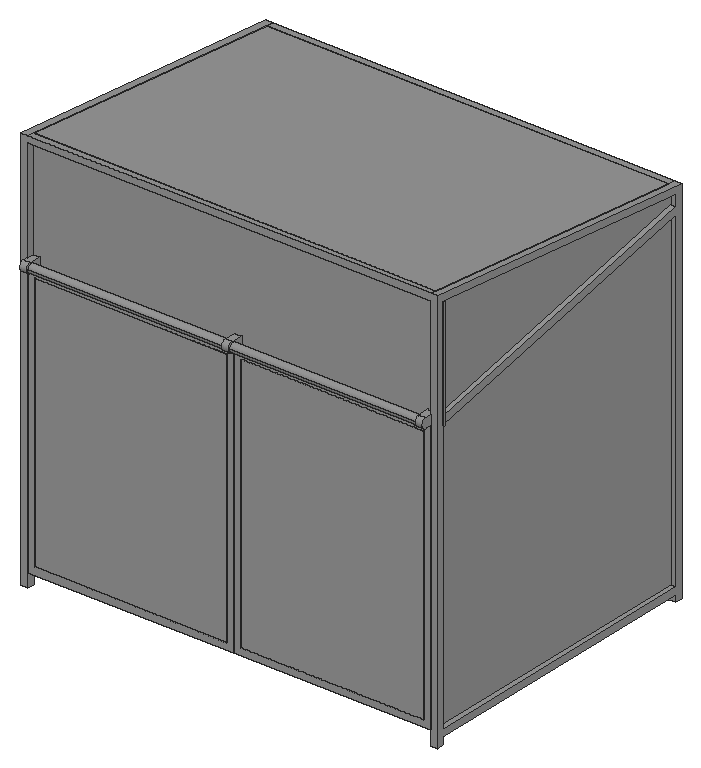
Revit family "15162 Контейнерный шкаф «Модуль» стальной Хоббика", category Антураж, Revit 2018
Family settings
  На основе рабочей плоскости = Нет
  Всегда вертикально = Да
  При загрузке вырезать с полостями = Нет
  Источник визуального образа = Геометрия семейства
  Общий = Нет
  Точка расчета площади = Нет
Parameters (values of type "Контейнерный шкаф «Модуль» стальной")
  Ширина = 1100 mm  # constant formula
  Цвет каркаса = Сталь
  Описание = "Контейнерный шкаф «Модуль» стальной"  # constant formula
  Материал изделия = "Сталь"  # constant formula
  Изображение типоразмера = Контейнерный шкаф «Модуль» стальной Арт 15162.jpg
  Изготовитель = "ООО «Хоббика»"  # constant formula
  Длина = 1500 mm  # constant formula
  Группа модели = "Контейнерные площадки для ТБО"  # constant formula
  Высота = 1460 mm  # constant formula
  Артикул товара = "Арт. 15162"  # constant formula
  URL = "https://hobbyka.ru/product/konteynernyy_shkaf_modul_stalnoy/"
Reference planes
  plane 1 "По центру (Вперед/Назад)": y = 0
  plane 2: z = 0
  plane 3 "По центру (Влево/Вправо)": x = 0
  plane 4: x = 1500
  plane 5: y = 1100
  plane 6: z = 1460
Forms (mm)
  Extrusion 1, solid, material "Сталь" <- "Цвет каркаса"
    sketch origin (0, 0, 0) x (0, 1, 0) y (0, 0, 1)
      loop
        line (1100, 0) -> (1100, 1340) -> (0, 1460) -> (0, 0) -> (25, 0) -> (25, 25) -> (1075, 25) -> (1075, 0) -> (1100, 0)
      loop
        line (1075, 1317.218) -> (25, 1432.566) -> (25, 1058.355) -> (1075, 1277) -> (1075, 1317.218)
      loop
        line (1075, 1251.614) -> (25, 1032.969) -> (25, 50) -> (1075, 50) -> (1075, 1251.614)
    from 0 to 25
  Extrusion 2, solid, material "Сталь" <- "Цвет каркаса"
    sketch origin (0, 0, 0) x (0, 1, 0) y (0, 0, 1)
      loop
        line (1100, 0) -> (1100, 1340) -> (0, 1460) -> (0, 0) -> (25, 0) -> (25, 25) -> (1075, 25) -> (1075, 0) -> (1100, 0)
      loop
        line (1075, 1317.218) -> (25, 1432.566) -> (25, 1058.355) -> (1075, 1277) -> (1075, 1317.218)
      loop
        line (1075, 1251.614) -> (25, 1032.969) -> (25, 50) -> (1075, 50) -> (1075, 1251.614)
    from 1475 to 1500
  Extrusion 3, solid, material "Сталь" <- "Цвет каркаса"
    sketch origin (0, 0, 0) x (0, 1, 0) y (0, 0, 1)
      loop
        line (25, 1457.674) -> (0, 1460) -> (0, 1434.892) -> (25, 1432.566) -> (25, 1457.674)
      loop
        line (1100, 1340) -> (1075, 1342.326) -> (1075, 1317.218) -> (1100, 1314.892) -> (1100, 1340)
      loop
        line (1075, 50) -> (1075, 25) -> (1100, 25) -> (1100, 50) -> (1075, 50)
    from 25 to 1475
  Extrusion 4, solid, material "Сталь" <- "Цвет каркаса"
    sketch origin (0, 0, 0) x (1, 0, 0) y (0, 0, 1)
      loop
        line (25, 1032.969) -> (25, 50) -> (765, 50) -> (765, 1032.969) -> (25, 1032.969)
      loop
        line (50, 1007.969) -> (50, 75) -> (740, 75) -> (740, 1007.969) -> (50, 1007.969)
    from 0 to -25
  Extrusion 5, solid, material "Сталь" <- "Цвет каркаса"
    sketch origin (740, 0, 0) x (1, 0, 0) y (0, 0, 1)
      loop
        line (25, 1032.969) -> (25, 50) -> (735, 50) -> (735, 1032.969) -> (25, 1032.969)
      loop
        line (50, 1007.969) -> (50, 75) -> (710, 75) -> (710, 1007.969) -> (50, 1007.969)
    from 0 to -25
  Extrusion 6, solid, material "Сталь" <- "Цвет каркаса"
    sketch origin (0, 0, 0) x (0, 1, 0) y (0, 0, 1)
      loop
        line (1075, 1317.218) -> (25, 1432.566) -> (25, 1058.355) -> (1075, 1277) -> (1075, 1317.218)
    from 20 to 25
  Extrusion 7, solid, material "Сталь" <- "Цвет каркаса"
    sketch origin (0, 0, 0) x (0, 1, 0) y (0, 0, 1)
      loop
        line (1075, 1317.218) -> (25, 1432.566) -> (25, 1058.355) -> (1075, 1277) -> (1075, 1317.218)
    from 1475 to 1480
  Extrusion 8, solid, material "Сталь" <- "Цвет каркаса"
    sketch origin (0, 0, 0) x (0, 1, 0) y (0, 0, 1)
      loop
        line (20, 1433.032) -> (20, 1032.969) -> (25, 1032.969) -> (25, 1432.566) -> (20, 1433.032)
    from 25 to 1505
  Extrusion 9, solid, material "Сталь" <- "Цвет каркаса"
    sketch origin (0, -1125, 0) x (0, 1, 0) y (0, 0, 1)
      loop
        line (2200, 1251.614) -> (1150, 1032.969) -> (1150, 50) -> (2200, 50) -> (2200, 1251.614)
    from 20 to 25
  Extrusion 10, solid, material "Сталь" <- "Цвет каркаса"
    sketch origin (0, -1125, 0) x (0, 1, 0) y (0, 0, 1)
      loop
        line (2200, 1251.614) -> (1150, 1032.969) -> (1150, 50) -> (2200, 50) -> (2200, 1251.614)
    from 1475 to 1480
  Extrusion 11, solid, material "Сталь" <- "Цвет каркаса"
    sketch origin (1365, 0, 0) x (1, 0, 0) y (0, 1, 0)
      loop
        line (-1340, 1080) -> (-1340, 1075) -> (110, 1075) -> (110, 1080) -> (-1340, 1080)
    from 50 to 1320
  Extrusion 12, solid, material "Сталь" <- "Цвет каркаса"
    sketch origin (0, 0, 0) x (0, 1, 0) y (0, 0, 1)
      loop
        line (1075, 1342.326) -> (25, 1457.674) -> (25, 1452.653) -> (1075, 1337.304) -> (1075, 1342.326)
    from 25 to 1475
  Extrusion 13, solid, material "Сталь" <- "Цвет каркаса"
    sketch origin (580, 0, 0) x (1, 0, 0) y (0, 0, 1)
      loop
        line (-530, 1007.969) -> (-530, 75) -> (160, 75) -> (160, 1007.969) -> (-530, 1007.969)
    from 0 to -25
  Extrusion 14, solid, material "Сталь" <- "Цвет каркаса"
    sketch origin (1320, 0, 0) x (1, 0, 0) y (0, 0, 1)
      loop
        line (-530, 1007.969) -> (-530, 75) -> (130, 75) -> (130, 1007.969) -> (-530, 1007.969)
    from 0 to -25
  Extrusion 15, solid, material "Сталь" <- "Цвет каркаса"
    sketch origin (0, 20, 10) x (0, 1, 0) y (0, 0, 1)
      loop
        line (0, 1057.969) -> (-40, 1057.969)
        arc (-40, 1057.969) -> (-57.5, 1040.469) -> (-40, 1022.969) r 17.5
        line (-40, 1022.969) -> (0, 1022.969) -> (0, 1057.969)
    from 25 to 50
  Extrusion 16, solid, material "Сталь" <- "Цвет каркаса"
    sketch origin (0, 20, 10) x (0, 1, 0) y (0, 0, 1)
      loop
        line (-40, 1022.969) -> (0, 1022.969) -> (0, 1057.969) -> (-40, 1057.969)
        arc (-40, 1057.969) -> (-57.5, 1040.469) -> (-40, 1022.969) r 17.5
    from 1450 to 1475
  Extrusion 17, solid, material "Сталь" <- "Цвет каркаса"
    sketch origin (0, 20, 35) x (0, 1, 0) y (0, 0, 1)
      loop
        line (-40, 997.969) -> (0, 997.969) -> (0, 1032.969) -> (-40, 1032.969)
        arc (-40, 1032.969) -> (-57.5, 1015.469) -> (-40, 997.969) r 17.5
    from 752.5 to 777.5
  Extrusion 18, solid, material "Сталь" <- "Цвет каркаса"
    sketch origin (0, 20, 35) x (0, 1, 0) y (0, 0, 1)
      loop
        circle (-40, 1015.469) r 15
    from 50 to 1450
Cuts and joins
  joined: Extrusion 1, Extrusion 2, Extrusion 3
  joined: Extrusion 17, Extrusion 18
Dimensions and locks
  "Ширина": plane 5 to plane 1 "По центру (Вперед/Назад)"
  "Длина": plane 3 "По центру (Влево/Вправо)" to plane 4
  "Высота": plane 6 to plane 2
  cut or joined group of Extrusion 1, Extrusion 2, Extrusion 3 to cut or joined group of Extrusion 1, Extrusion 2, Extrusion 3 = 1050 mm
  aligned and locked: level to plane 2
Automatic sketch dimensions
  Extrusion 1 sketch curve to level = 0 mm  (x2)
  Extrusion 1 sketch curve to plane 1 "По центру (Вперед/Назад)" = 0 mm
  Extrusion 1 sketch curve to plane 5 = 0 mm
  Extrusion 1 sketch curve to plane 6 = 0 mm
  Extrusion 1 sketch curve to plane 1 "По центру (Вперед/Назад)" = 25 mm  (x3)
  Extrusion 1 sketch curve to plane 5 = 25 mm  (x3)
  level to Extrusion 1 sketch curve = 25 mm
  Extrusion 1 sketch curve to Extrusion 1 sketch curve = 25 mm
  Extrusion 1 sketch curve to plane 6 = 427.031 mm
  Extrusion 1 sketch curve to Extrusion 1 sketch curve = 25.386 mm  (x2)
  Extrusion 1 sketch curve to plane 6 = 208.386 mm
  Extrusion 1 sketch curve to Extrusion 1 sketch curve = 40.218 mm
  Extrusion 1 sketch curve to Extrusion 1 sketch curve = 22.782 mm
  Extrusion 1 sketch curve to plane 6 = 27.434 mm
  Extrusion 2 sketch curve to level = 0 mm  (x2)
  Extrusion 2 sketch curve to plane 1 "По центру (Вперед/Назад)" = 0 mm
  Extrusion 2 sketch curve to plane 5 = 0 mm
  Extrusion 2 sketch curve to plane 6 = 0 mm
  Extrusion 2 sketch curve to plane 1 "По центру (Вперед/Назад)" = 25 mm  (x3)
  Extrusion 2 sketch curve to plane 5 = 25 mm  (x3)
  level to Extrusion 2 sketch curve = 25 mm
  Extrusion 2 sketch curve to Extrusion 2 sketch curve = 25 mm
  Extrusion 2 sketch curve to plane 6 = 427.031 mm
  Extrusion 2 sketch curve to Extrusion 2 sketch curve = 25.386 mm  (x2)
  Extrusion 2 sketch curve to plane 6 = 208.386 mm
  Extrusion 2 sketch curve to Extrusion 2 sketch curve = 40.218 mm
  Extrusion 2 sketch curve to Extrusion 2 sketch curve = 22.782 mm
  Extrusion 2 sketch curve to plane 6 = 27.434 mm
  Extrusion 3 sketch curve to plane 1 "По центру (Вперед/Назад)" = 0 mm
  Extrusion 3 sketch curve to plane 5 = 0 mm  (x2)
  Extrusion 3 sketch curve to plane 6 = 0 mm
  Extrusion 3 sketch curve to plane 6 = 2.326 mm
  Extrusion 3 sketch curve to plane 1 "По центру (Вперед/Назад)" = 25 mm
  Extrusion 3 sketch curve to plane 5 = 25 mm  (x2)
  Extrusion 3 sketch curve to Extrusion 3 sketch curve = 25.108 mm  (x4)
  Extrusion 3 sketch curve to plane 6 = 117.674 mm
  Extrusion 3 sketch curve to Extrusion 3 sketch curve = 2.326 mm
  level to Extrusion 3 sketch curve = 50 mm
  level to Extrusion 3 sketch curve = 25 mm
  plane 3 "По центру (Влево/Вправо)" to Extrusion 4 sketch curve = 25 mm
  Extrusion 4 sketch curve to Extrusion 4 sketch curve = 25 mm  (x4)
  level to Extrusion 4 sketch curve = 75 mm
  Extrusion 4 sketch curve to Extrusion 4 sketch curve = 690 mm
  Extrusion 4 sketch curve to plane 6 = 452.031 mm
  level to Extrusion 5 sketch curve = 50 mm
  plane 3 "По центру (Влево/Вправо)" to Extrusion 5 sketch curve = 765 mm
  Extrusion 5 sketch curve to Extrusion 5 sketch curve = 25 mm  (x3)
  Extrusion 5 sketch curve to plane 4 = 50 mm
  Extrusion 5 sketch curve to plane 4 = 25 mm
  Extrusion 5 sketch curve to plane 6 = 452.031 mm
  Extrusion 6 sketch curve to plane 1 "По центру (Вперед/Назад)" = 25 mm
  Extrusion 6 sketch curve to plane 5 = 25 mm
  Extrusion 6 sketch curve to plane 6 = 401.645 mm
  Extrusion 6 sketch curve to plane 6 = 183 mm
  Extrusion 6 sketch curve to Extrusion 6 sketch curve = 40.218 mm
  Extrusion 6 sketch curve to plane 6 = 27.434 mm
  Extrusion 7 sketch curve to plane 1 "По центру (Вперед/Назад)" = 25 mm
  Extrusion 7 sketch curve to plane 5 = 25 mm
  Extrusion 7 sketch curve to plane 6 = 401.645 mm
  Extrusion 7 sketch curve to plane 6 = 183 mm
  Extrusion 7 sketch curve to Extrusion 7 sketch curve = 40.218 mm
  Extrusion 7 sketch curve to plane 6 = 27.434 mm
  Extrusion 8 sketch curve to plane 1 "По центру (Вперед/Назад)" = 20 mm
  Extrusion 8 sketch curve to Extrusion 8 sketch curve = 5 mm
  Extrusion 8 sketch curve to plane 6 = 427.031 mm
  Extrusion 8 sketch curve to plane 6 = 27.434 mm
  Extrusion 8 sketch curve to Extrusion 8 sketch curve = 0.465 mm
  Extrusion 9 sketch curve to plane 1 "По центру (Вперед/Назад)" = 25 mm
  Extrusion 9 sketch curve to Extrusion 9 sketch curve = 1050 mm
  level to Extrusion 9 sketch curve = 50 mm
  Extrusion 9 sketch curve to plane 6 = 427.031 mm
  Extrusion 9 sketch curve to Extrusion 9 sketch curve = 218.645 mm
  Extrusion 10 sketch curve to plane 1 "По центру (Вперед/Назад)" = 25 mm
  Extrusion 10 sketch curve to Extrusion 10 sketch curve = 1050 mm
  level to Extrusion 10 sketch curve = 50 mm
  Extrusion 10 sketch curve to plane 6 = 427.031 mm
  Extrusion 10 sketch curve to Extrusion 10 sketch curve = 218.645 mm
  Extrusion 12 sketch curve to plane 1 "По центру (Вперед/Назад)" = 25 mm
  Extrusion 12 sketch curve to plane 5 = 25 mm
  Extrusion 12 sketch curve to plane 6 = 2.326 mm
  Extrusion 12 sketch curve to Extrusion 12 sketch curve = 5.022 mm  (x2)
  Extrusion 12 sketch curve to plane 6 = 117.674 mm
  level to Extrusion 13 sketch curve = 75 mm
  plane 3 "По центру (Влево/Вправо)" to Extrusion 13 sketch curve = 50 mm
  Extrusion 13 sketch curve to Extrusion 13 sketch curve = 690 mm
  Extrusion 13 sketch curve to plane 6 = 452.031 mm
  level to Extrusion 14 sketch curve = 75 mm
  Extrusion 14 sketch curve to plane 4 = 710 mm
  Extrusion 14 sketch curve to plane 4 = 50 mm
  Extrusion 14 sketch curve to plane 6 = 452.031 mm
  Extrusion 15 sketch curve to plane 1 "По центру (Вперед/Назад)" = 20 mm
  plane 1 "По центру (Вперед/Назад)" to Extrusion 15 sketch curve = 20 mm
  Extrusion 15 sketch curve to plane 6 = 427.031 mm
  Extrusion 15 sketch curve to Extrusion 15 sketch curve = 17.5 mm
  Extrusion 16 sketch curve to plane 1 "По центру (Вперед/Назад)" = 20 mm
  plane 1 "По центру (Вперед/Назад)" to Extrusion 16 sketch curve = 20 mm
  Extrusion 16 sketch curve to plane 6 = 427.031 mm
  Extrusion 16 sketch curve to Extrusion 16 sketch curve = 17.5 mm
  Extrusion 17 sketch curve to plane 1 "По центру (Вперед/Назад)" = 20 mm
  plane 1 "По центру (Вперед/Назад)" to Extrusion 17 sketch curve = 20 mm
  Extrusion 17 sketch curve to plane 6 = 427.031 mm
  Extrusion 17 sketch curve to Extrusion 17 sketch curve = 17.5 mm
  plane 1 "По центру (Вперед/Назад)" to Extrusion 18 sketch curve = 20 mm
  Extrusion 18 sketch curve to plane 6 = 409.531 mm
  Extrusion 11 sketch curve to plane 5 = 25 mm
  Extrusion 11 sketch curve to plane 4 = 1475 mm
  Extrusion 11 sketch curve to plane 4 = 25 mm
  Extrusion 11 sketch curve to plane 5 = 20 mm
  radius of Extrusion 18 sketch curve = 15 mm
